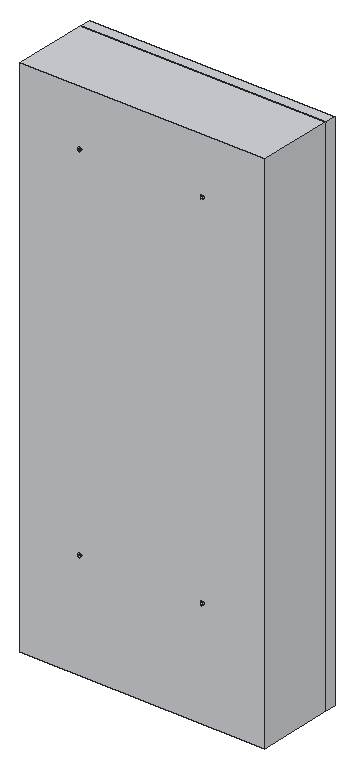
Revit family "AX8963-OPEN_0002", category Appareils sanitaires, Revit 2016
Family settings
  Hôte = Mur
  Type d'élément = Normal
  Cote de connecteur circulaire = Utiliser le diamètre
  Numéro OmniClass = 23.75.00.00
  Titre OmniClass = Climate Control (HVAC)
  Toujours verticalement = Oui
  Couper avec des vides une fois chargée = Non
  Partagée = Non
  Point de calcul de pièce = Non
Parameters (values of type "Type 1")
  URL = "https://www.axeuro.com/fr/poubelles/25528-poubelle-murale-a-encastrer-ax8963-open.html"
  Modèle = "AX8963-OPEN"  # constant formula
  Matériaux = "En inox 304 (18/10) Bactériostatique"  # constant formula
  Finition = "Brossé Poli Satiné HyperPolish"  # constant formula
  Fabricant = "Axeuro"  # constant formula
  Description = "Poubelle murale"  # constant formula
Reference planes
  plane 1 "Mur": y = 0
  plane 2 "Centre (gauche/droite)": x = 0
  plane 3 "Arrière": y = 75
Forms (mm)
  Extrusion 1, solid
    sketch origin (-85, 2.969, 0) x (0, 1, 0) y (0, 0, 1)
      loop
        line (174.031, 1739.299) -> (174.031, 1028.291) -> (189.031, 1028.291) -> (189.031, 1739.299) -> (174.031, 1739.299)
    from -80 to 250
  Extrusion 2, void
    sketch origin (552.568, 77.969, 153.664) x (1, 0, 0) y (0, 0, 1)
      loop
        line (-434.68, 1545.635) -> (-670.457, 1545.635)
        arc (-670.457, 1545.635) -> (-675.486, 1543.552) -> (-677.568, 1538.524) r 7.111
        line (-677.568, 1538.524) -> (-677.568, 1432.747)
        arc (-677.568, 1432.747) -> (-675.486, 1427.718) -> (-670.457, 1425.635) r 7.111
        line (-670.457, 1425.635) -> (-434.68, 1425.635)
        arc (-434.68, 1425.635) -> (-429.651, 1427.718) -> (-427.568, 1432.747) r 7.111
        line (-427.568, 1432.747) -> (-427.568, 1538.524)
        arc (-427.568, 1538.524) -> (-429.651, 1543.552) -> (-434.68, 1545.635) r 7.111
    from -114.031 to -112.031
  Extrusion 3, solid
    sketch origin (0, -103, 0) x (1, 0, 0) y (0, 1, 0)
      loop
        line (-165, 280) -> (-165, 178) -> (165, 178) -> (165, 280) -> (-165, 280)
    from 1028.291 to 1739.299
  Extrusion 4, void
    sketch origin (0, -103, 16) x (1, 0, 0) y (0, 0, 1)
      loop
        circle (-83.996, 1647.698) r 3
    from -180 to -178
  Extrusion 5, void
    sketch origin (165, -103, 16) x (1, 0, 0) y (0, 0, 1)
      loop
        circle (-83.996, 1647.698) r 3
    from -180 to -178
  Extrusion 6, void
    sketch origin (0, -103, -474) x (1, 0, 0) y (0, 0, 1)
      loop
        circle (-83.996, 1647.698) r 3
    from -180 to -178
  Extrusion 7, void
    sketch origin (165, -103, -474) x (1, 0, 0) y (0, 0, 1)
      loop
        circle (-83.996, 1647.698) r 3
    from -180 to -178
Cuts and joins
  Extrusion 2 cuts Extrusion 1
  Extrusion 4, Extrusion 5, Extrusion 6, Extrusion 7 cuts Extrusion 3
Text (mm)
  text "Côté de la mise en place" at (-1820.995, 1116.779, 0), in view "Niveau de réf."
  text "Côté de la mise en place" at (0, 1334.055, 2976.191), in view "Gauche"
  text "Côté de la mise en place" at (0, 439.194, 2944.362), in view "Droite"
Dimensions and locks
  locked: plane 3 "Arrière" to host wall
  aligned and locked: plane 1 "Mur" to host wall
